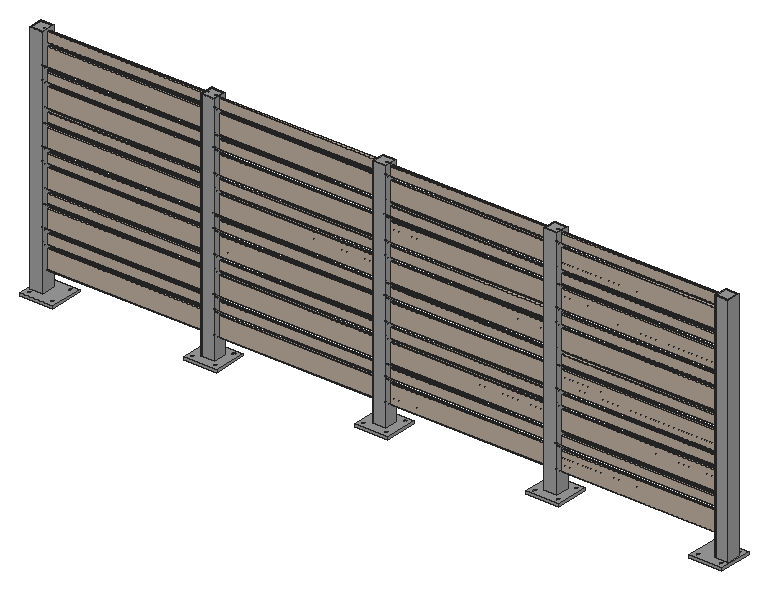
Revit family "Screening-Louver-Assembly-Array-Palmshield-Mercury_Economic-Alternating-Semi_Private-Vinyl", category Specialty Equipment, Revit 2020 (continued)
Definition of nested family "Screening-Louver-Assembly-Post-Palmshield-Mercury-Economic-Alternating-Semi_Private-Aluminum"
  Nested families (in)
    nested 3: "Nested-Square_Post-Aluminum-Palmshield-Mercury_Economic" at (0, 0, 0.75), type "4" X 4" X 1/8" SQ. TUBE"
      with Material none, Length 5' - 11 1/4", ID "Not Assigned", Component Vis yes, Component Name "Mercury Economic - Aluminum - Square Post"
    nested 4: "Nested-Top_Cap-Palmshield-Mercury_Economic" at (0, 0, 72) x (1, 0, 0) z (0, 0, -1), type "3 3/4" x 3 3/4" x 1/8""
      with Material none, ID "Not Assigned", Component Vis yes, Component Name "Mercury Economic - Aluminum - Square Top Cap"
  Definition of nested family "Nested-Base_Plate-Palmshield-Mercury_Economic"
    Parameters (values of type "10" x 14" x 3/4"")
      Width = if(Constraints = 1, 0' 10", 1' 2")  # 1' - 2"
      Warranty URL = "https://palmshieldlouvers.com/wp-content/uploads/2020/01/PalmSHIELD-Warranty-NO-SIGN-LINE.pdf"
      Version = "2020 - v1.0a"  # constant formula
      URL = "https://palmshieldlouvers.com/"
      Thickness = 0' - 0 3/4"  # constant formula
      Product Page URL = "Contact Manufacturer for More Information"
      Product Documentation Link = "Contact Manufacturer for More Information"
      Model = "Mercury Economic"  # constant formula
      Material [instance] = none
      Manufacturer Phone Number = "531-329-4406 "  # constant formula
      Manufacturer Fax Number = "Consult Manufacturer Website for More Information"  # constant formula
      Manufacturer Email = "mailto: info@palmshieldlouvers.com"
      Manufacturer Address = "12330 Cary Circle, La Vista, NE 68128"  # constant formula
      Manufacturer = "PalmSHIELD"  # constant formula
      Keynote = "05 10 00"
      Instruction Sheet Link = "Contact Manufacturer for More Information"
      ID [instance] = ""
      Hole Diameter = 0' - 0 3/4"  # constant formula
      Height = 0' - 10"  # constant formula
      Description = "Mercury Economic - Base Plate"  # constant formula
      Default Elevation = 4' - 0"
      Copyright = "Copyright ©2024 The American Fence Company and PalmSHIELD. All Rights Reserved."  # constant formula
      Constraints = 2
      Component Vis [instance] = yes
      Component Name [instance] = "Mercury Economic - Aluminum - Base Plate"  # constant formula
      C Hole Offset = 0' - 1 1/2"  # constant formula
      Assembly Code = "F1020100"
    Types (2): name | Width | Constraints
      10" x 10" x 3/4" | 0' - 10" | 1
      10" x 14" x 3/4" | 1' - 2" | 2
    Reference planes (in)
      plane 1 "Center (Front/Back)": y = 0
      plane 2: z = 0
      plane 3 "Center (Left/Right)": x = 0
      plane 4: y = 5
      plane 5: x = 7
      plane 6: y = -5
      plane 7: x = -7
      plane 8: z = 0.75
    Forms (in)
      Extrusion 1, solid
        sketch origin (0, 0, 0) x (1, 0, 0) y (0, 1, 0)
          loop
            line (-48, 48) -> (-48, -48) -> (48, -48) -> (48, 48) -> (-48, 48)
        from 0 to -12
      Extrusion 2, solid, material <- "Material", visible <- "Component Vis"
        sketch origin (0, 0, 0) x (1, 0, 0) y (0, 1, 0)
          loop
            line (-7, 5) -> (-7, -5) -> (7, -5) -> (7, 5) -> (-7, 5)
          loop
            circle (-5.5, 3.5) r 0.375
          loop
            circle (5.5, 3.5) r 0.375
          loop
            circle (-5.5, -3.5) r 0.375
          loop
            circle (5.5, -3.5) r 0.375
        from 0 to 0.75
    Dimensions and locks (in)
      equal spacing: plane 7, plane 3 "Center (Left/Right)", plane 5
      equal spacing: plane 4, plane 1 "Center (Front/Back)", plane 6
      "Width": plane 7 to plane 5
      "Height": plane 4 to plane 6
      "C Hole Offset": plane 7 to Extrusion 2 sketch curve  (x2)
      "C Hole Offset": Extrusion 2 sketch curve to plane 5  (x2)
      "C Hole Offset": plane 4 to Extrusion 2 sketch curve  (x2)
      "C Hole Offset": plane 6 to Extrusion 2 sketch curve  (x2)
      "Thickness": plane 8 to plane 2
      "Width": Extrusion 2 to Extrusion 2
      "Hole Diameter": diameter of Extrusion 2 sketch curve  (x4)
      aligned and locked: plane 2 to Extrusion 1
      aligned and locked: level to Extrusion 1
      aligned and locked: Extrusion 2 sketch curve to plane 4
      aligned and locked: plane 7 to Extrusion 2 sketch curve
      aligned and locked: Extrusion 2 sketch curve to plane 6
      aligned and locked: Extrusion 2 sketch curve to plane 5
      aligned and locked: plane 8 to Extrusion 2
    Automatic sketch dimensions
      Extrusion 1 sketch curve to Extrusion 1 sketch curve = 8' - 0"  (x2)
  Definition of nested family "Nested-Square_Post-Aluminum-Palmshield-Mercury_Economic"
    Parameters (values of type "4" X 4" X 1/8" SQ. TUBE")
      Width = 0' - 4"  # constant formula
      Warranty URL = "https://palmshieldlouvers.com/wp-content/uploads/2020/01/PalmSHIELD-Warranty-NO-SIGN-LINE.pdf"
      Version = "2020 - v1.0a"  # constant formula
      URL = "https://palmshieldlouvers.com/"
      Thickness = 0' - 0 1/8"  # constant formula
      Product Page URL = "Contact Manufacturer for More Information"
      Product Documentation Link = "Contact Manufacturer for More Information"
      Model = "Mercury Economic"  # constant formula
      Material [instance] = none
      Manufacturer Phone Number = "531-329-4406 "  # constant formula
      Manufacturer Fax Number = "Consult Manufacturer Website for More Information"  # constant formula
      Manufacturer Email = "mailto: info@palmshieldlouvers.com"
      Manufacturer Address = "12330 Cary Circle, La Vista, NE 68128"  # constant formula
      Manufacturer = "PalmSHIELD"  # constant formula
      Length [instance] = 4' - 4.86713"
      Keynote = "05 10 00"
      Instruction Sheet Link = "Contact Manufacturer for More Information"
      ID [instance] = ""
      Description = "Mercury Economic - Post"  # constant formula
      Default Elevation = 4' - 0"
      Copyright = "Copyright ©2024 The American Fence Company and PalmSHIELD. All Rights Reserved."  # constant formula
      Component Vis [instance] = yes
      Component Name [instance] = "Mercury Economic - Aluminum - Square Post"  # constant formula
      Assembly Code = "F1020100"
    Reference planes (in)
      plane 1 "Center (Front/Back)": y = 0
      plane 2: z = 0
      plane 3 "Center (Left/Right)": x = 0
      plane 4: z = 52.86713
      plane 5: x = 2
      plane 6: x = -2
    Forms (in)
      Extrusion 1, solid
        sketch origin (0, 0, 0) x (1, 0, 0) y (0, 1, 0)
          loop
            line (-48, 48) -> (-48, -48) -> (48, -48) -> (48, 48) -> (-48, 48)
        from 0 to -12
      Sweep 2, solid, material <- "Material", visible <- "Component Vis"
        path origin (0, 0, 0) x (0, 1, 0) y (0, 0, 1)
          loop
            line (0, 0) -> (0, 52.86713)
        profile "Profile-Palmshield-Square : 4" X 4" X 1/8" SQ. TUBE" origin (0, 0, 26.43357) x (0, -1, 0) y (1, 0, 0)
          loop
            line (1.875, 1.875) -> (-1.875, 1.875) -> (-1.875, -1.875) -> (1.875, -1.875) -> (1.875, 1.875)
          loop
            line (-2, -2) -> (2, -2) -> (2, 2) -> (-2, 2) -> (-2, -2)
    Dimensions and locks (in)
      "Length": plane 4 to plane 2
      equal spacing: plane 5, plane 3 "Center (Left/Right)", plane 6
      "Width": plane 5 to plane 6
      aligned and locked: plane 2 to Extrusion 1
      aligned and locked: level to Extrusion 1
      aligned and locked: plane 1 "Center (Front/Back)" to Sweep 2 sketch curve
      aligned and locked: plane 4 to Sweep 2 sketch curve
    Automatic sketch dimensions
      Extrusion 1 sketch curve to Extrusion 1 sketch curve = 8' - 0"  (x2)
      Sweep 2 sketch curve to level = 0' - 0"
  Definition of nested family "Nested-Top_Cap-Palmshield-Mercury_Economic"
    Parameters (values of type "3 3/4" x 3 3/4" x 1/8"")
      Width = 0' 4" - 2 * Thickness  # 0' - 3 3/4"
      Warranty URL = "https://palmshieldlouvers.com/wp-content/uploads/2020/01/PalmSHIELD-Warranty-NO-SIGN-LINE.pdf"
      Version = "2020 - v1.0a"  # constant formula
      URL = "https://palmshieldlouvers.com/"
      Thickness = 0' - 0 1/8"  # constant formula
      Product Page URL = "Contact Manufacturer for More Information"
      Product Documentation Link = "Contact Manufacturer for More Information"
      Model = "Mercury Economic"  # constant formula
      Material [instance] = none
      Manufacturer Phone Number = "531-329-4406 "  # constant formula
      Manufacturer Fax Number = "Consult Manufacturer Website for More Information"  # constant formula
      Manufacturer Email = "mailto: info@palmshieldlouvers.com"
      Manufacturer Address = "12330 Cary Circle, La Vista, NE 68128"  # constant formula
      Manufacturer = "PalmSHIELD"  # constant formula
      Keynote = "05 10 00"
      Instruction Sheet Link = "Contact Manufacturer for More Information"
      ID [instance] = ""
      Description = "Mercury Economic - Top Cap"  # constant formula
      Default Elevation = 4' - 0"
      Copyright = "Copyright ©2024 The American Fence Company and PalmSHIELD. All Rights Reserved."  # constant formula
      Component Vis [instance] = yes
      Component Name [instance] = "Mercury Economic - Aluminum - Square Top Cap"  # constant formula
      Assembly Code = "F1020100"
    Reference planes (in)
      plane 1 "Center (Front/Back)": y = 0
      plane 2: z = 0
      plane 3 "Center (Left/Right)": x = 0
      plane 4: y = 1.875
      plane 5: x = 1.875
      plane 6: y = -1.875
      plane 7: x = -1.875
      plane 8: z = 0.125
    Forms (in)
      Extrusion 1, solid
        sketch origin (0, 0, 0) x (1, 0, 0) y (0, 1, 0)
          loop
            line (-48, 48) -> (-48, -48) -> (48, -48) -> (48, 48) -> (-48, 48)
        from 0 to -12
      Extrusion 2, solid, material <- "Material", visible <- "Component Vis"
        sketch origin (0, 0, 0) x (1, 0, 0) y (0, 1, 0)
          loop
            line (-1.875, 1.875) -> (-1.875, -1.875) -> (1.875, -1.875) -> (1.875, 1.875) -> (-1.875, 1.875)
        from 0 to 0.125
    Dimensions and locks (in)
      equal spacing: plane 7, plane 3 "Center (Left/Right)", plane 5
      equal spacing: plane 4, plane 1 "Center (Front/Back)", plane 6
      "Width": plane 7 to plane 5
      "Width": plane 4 to plane 6
      "Thickness": plane 8 to plane 2
      aligned and locked: plane 2 to Extrusion 1
      aligned and locked: level to Extrusion 1
      aligned and locked: Extrusion 2 sketch curve to plane 4
      aligned and locked: plane 7 to Extrusion 2 sketch curve
      aligned and locked: Extrusion 2 sketch curve to plane 6
      aligned and locked: Extrusion 2 sketch curve to plane 5
      aligned and locked: plane 8 to Extrusion 2
    Automatic sketch dimensions
      Extrusion 1 sketch curve to Extrusion 1 sketch curve = 8' - 0"  (x2)
Definition of nested family "Screening-Louver-Assembly-Panel-Palmshield-Mercury_Economic-Alternating-Semi_Private-Vinyl"
  Parameters (values of type "Assembly")
    Width [instance] = if(Desired Overall Width < C Min Width, C Min Width, if(Desired Overall Width > C Max Width, C Max Width, Desired Overall Width))  # 4' - 0"
    Warranty URL = "https://palmshieldlouvers.com/wp-content/uploads/2020/01/PalmSHIELD-Warranty-NO-SIGN-LINE.pdf"
    Version = "2020 - v1.0a"  # constant formula
    URL = "https://palmshieldlouvers.com/"
    Product Page URL = "https://palmshieldlouvers.com/products/mercury-eco-semi-private/"
    Product Documentation Link = "https://palmshieldlouvers.com/wp-content/uploads/2022/01/Mercury-Economic-Alternating-Semi-Private.pdf"
    Offset From Surface = 0' - 2"  # constant formula
    Model = "Mercury Economic - Alternating - Semi Private"  # constant formula
    Material = none
    Manufacturer Phone Number = "531-329-4406 "  # constant formula
    Manufacturer Email = "mailto: info@palmshieldlouvers.com"
    Manufacturer Address = "12330 Cary Circle, La Vista, NE 68128"  # constant formula
    Manufacturer = "PalmSHIELD"  # constant formula
    Louver Finish = none
    Keynote = "05 10 00"
    Instruction Sheet Link = "https://palmshieldlouvers.com/wp-content/uploads/2021/09/PalmSHIELD-Mercury-Series-Post-Panel-Gate-Installation-Instructions-2.docx"
    ID [instance] = "Not Assigned"
    Height [instance] = if(Desired Overall Height < C Min Height, C Min Height, if(Desired Overall Height > C Max Height, C Max Height, Desired Overall Height))  # 6' - 0"
    Desired Overall Width [instance] = 4' - 0"
    Desired Overall Height [instance] = 6' - 0"
    Desired Bottom Angle [instance] = 0.00°
    Description = "Mercury Economic - Alternating - Semi Private - Panel Assembly"  # constant formula
    Default Elevation = 0' - 0"
    Copyright = "Copyright ©2024 The American Fence Company and PalmSHIELD. All Rights Reserved."  # constant formula
    Component Vis [instance] = yes
    Component Name [instance] = "Mercury Economic - Alternating - Semi Private"  # constant formula
    C Min Width [instance] = 4' - 0"  # constant formula
    C Min Height [instance] = C Min Width  # 4' - 0"
    C Max Width [instance] = 5' - 0"  # constant formula
    C Max Height [instance] = 6' - 0"  # constant formula
    C Angle [instance] = if(Desired Bottom Angle > 10.00°, 10.00°, if(Desired Bottom Angle < -10.00°, -10.00°, Desired Bottom Angle))  # 0.00°
    Assembly Code = "F1020100"
  Reference planes (in)
    plane 1 "Center (Front/Back)": y = 0
    plane 2: z = 0
    plane 3 "Center (Left/Right)": x = 0
    plane 4: z = 72
    plane 5: x = 48
    plane 6: y = 3
    plane 7: y = 1.5
  Lines and regions (in)
    reference lines
      curve 1: line (48, 0, 96.95698) -> (48, 0, -11)
      curve 2: line (-20.8931, 0, 72) -> (71.1069, 0, 72)
  Dimensions and locks (in)
    "Desired Overall Height": curve 2 to level
    "Desired Overall Width": curve 1 to plane 3 "Center (Left/Right)"
    "Height": plane 4 to level
    "Width": plane 5 to plane 3 "Center (Left/Right)"
    equal spacing: plane 1 "Center (Front/Back)", plane 7, plane 6
    aligned and locked: plane 2 to level
  Automatic sketch dimensions
    curve 2 to plane 3 "Center (Left/Right)" = 1' - 8.8931"
    plane 5 to curve 2 = 1' - 11.1069"
    curve 1 to level = 0' - 11"
    plane 4 to curve 1 = 2' - 0.95698"
  Nested families (in)
    nested 1: "Screening-Louver-Assembly-Panel-Palmshield-Mercury_Economic-Alternating-Semi_Private-Vinyl" at (0, -2, 0), Desired Overall Width <- "Desired Overall Width", ID <- "ID", Height <- "Height", Width <- "Width", Component Vis <- "Component Vis", Desired Overall Height <- "Desired Overall Height", type "Assembly"
      with Width 4' - 0", Louver Length 4' - 3 5/8", ID "Not Assigned", Height 6' - 0", Desired Overall Width 4' - 0", Desired Overall Height 6' - 0", Component Vis yes, Component Name "Mercury Economic Alternating Semi Private - Panel Assembly - Aluminum", C Top Post Length 4' - 0", C Straight Corner Angle 45.00°, C Slope Angle 0.00°, C Side Frame Width 0' - 0 7/8", C Side Adjustment 0' - 0", C Rib Thickness Bottom Offset 0' - 0", C Rib Bottom Side Offset 0' - 0", C Louver Offset 0' - 0 1/8", C Louver Count B 6, C Louver Count A 6, C Hip 4' - 0", C Frame Offset 0' - 0 3/8", C Desired Bottom Angle 0.00°, C Bottom Offset B 0' - 7", C B-Side Post Length 6' - 0", C B-Side Angle 45.00°, C Angle 90.00°, C A-Side Post Length 6' - 0", C A-Side Angle 45.00°
    nested 2: "Nested-Louvers-Palmshield-Mercury-Economic-Alternating-Semi_Private-Vinyl" at (-1.8125, 0, 6.5) x (0, 1, 0) z (1, 0, 0), type "7/8" X 6" VINYL"
      with Material none, Length 4' - 3 5/8", ID "", Component Name "Mercury Economic Alternating Semi Private - Vinyl - Louvers"
    nested 3: "Nested-Louvers-Palmshield-Mercury-Economic-Alternating-Semi_Private-Vinyl" at (-1.8125, 0, 17.5) x (0, 1, 0) z (1, 0, 0), type "7/8" X 6" VINYL"
      with Material none, Length 4' - 3 5/8", ID "", Component Name "Mercury Economic Alternating Semi Private - Vinyl - Louvers"
    nested 4: "Nested-Louvers-Palmshield-Mercury-Economic-Alternating-Semi_Private-Vinyl" at (-1.8125, 0, 13.5) x (0, 1, 0) z (1, 0, 0), type "7/8" X 3" VINYL"
      with Material none, Length 4' - 3 5/8", ID "", Component Name "Mercury Economic Alternating Semi Private - Vinyl - Louvers"
    nested 5: "Nested-Louvers-Palmshield-Mercury-Economic-Alternating-Semi_Private-Vinyl" at (-1.8125, 0, 24.5) x (0, 1, 0) z (1, 0, 0), type "7/8" X 3" VINYL"
      with Material none, Length 4' - 3 5/8", ID "", Component Name "Mercury Economic Alternating Semi Private - Vinyl - Louvers"
    nested 6: "Nested-Louvers-Palmshield-Mercury-Economic-Alternating-Semi_Private-Vinyl" at (-1.8125, 0, 35.5) x (0, 1, 0) z (1, 0, 0), type "7/8" X 3" VINYL"
      with Material none, Length 4' - 3 5/8", ID "", Component Name "Mercury Economic Alternating Semi Private - Vinyl - Louvers"
    nested 7: "Nested-Louvers-Palmshield-Mercury-Economic-Alternating-Semi_Private-Vinyl" at (-1.8125, 0, 46.5) x (0, 1, 0) z (1, 0, 0), type "7/8" X 3" VINYL"
      with Material none, Length 4' - 3 5/8", ID "", Component Name "Mercury Economic Alternating Semi Private - Vinyl - Louvers"
    nested 8: "Nested-Louvers-Palmshield-Mercury-Economic-Alternating-Semi_Private-Vinyl" at (-1.8125, 0, 28.5) x (0, 1, 0) z (1, 0, 0), type "7/8" X 6" VINYL"
      with Material none, Length 4' - 3 5/8", ID "", Component Name "Mercury Economic Alternating Semi Private - Vinyl - Louvers"
    nested 9: "Nested-Louvers-Palmshield-Mercury-Economic-Alternating-Semi_Private-Vinyl" at (-1.8125, 0, 39.5) x (0, 1, 0) z (1, 0, 0), type "7/8" X 6" VINYL"
      with Material none, Length 4' - 3 5/8", ID "", Component Name "Mercury Economic Alternating Semi Private - Vinyl - Louvers"
    nested 10: "Nested-Louvers-Palmshield-Mercury-Economic-Alternating-Semi_Private-Vinyl" at (-1.8125, 0, 50.5) x (0, 1, 0) z (1, 0, 0), type "7/8" X 6" VINYL"
      with Material none, Length 4' - 3 5/8", ID "", Component Name "Mercury Economic Alternating Semi Private - Vinyl - Louvers"
    nested 11: "Nested-Louvers-Palmshield-Mercury-Economic-Alternating-Semi_Private-Vinyl" at (-1.8125, 0, 57.5) x (0, 1, 0) z (1, 0, 0), type "7/8" X 3" VINYL"
      with Material none, Length 4' - 3 5/8", ID "", Component Name "Mercury Economic Alternating Semi Private - Vinyl - Louvers"
    nested 12: "Nested-Louvers-Palmshield-Mercury-Economic-Alternating-Semi_Private-Vinyl" at (-1.8125, 0, 61.5) x (0, 1, 0) z (1, 0, 0), type "7/8" X 6" VINYL"
      with Material none, Length 4' - 3 5/8", ID "", Component Name "Mercury Economic Alternating Semi Private - Vinyl - Louvers"
    nested 13: "Nested-Louvers-Palmshield-Mercury-Economic-Alternating-Semi_Private-Vinyl" at (-1.8125, 0, 68.5) x (0, 1, 0) z (1, 0, 0), type "7/8" X 3" VINYL"
      with Material none, Length 4' - 3 5/8", ID "", Component Name "Mercury Economic Alternating Semi Private - Vinyl - Louvers"
  Definition of nested family "Nested-Louvers-Palmshield-Mercury-Economic-Alternating-Semi_Private-Vinyl"
    Parameters (values of type "7/8" X 6" VINYL")
      Width = if(Constraints = 1, 0' 6", 0' 3")  # 0' - 6"
      Warranty URL = "https://palmshieldlouvers.com/wp-content/uploads/2020/01/PalmSHIELD-Warranty-NO-SIGN-LINE.pdf"
      Version = "2020 - v1.0a"  # constant formula
      URL = "https://palmshieldlouvers.com/"
      Thickness = 0' - 0 15/16"  # constant formula
      Product Page URL = "https://palmshieldlouvers.com/products/mercury-screening/"
      Product Documentation Link = "https://palmshieldlouvers.com/wp-content/uploads/2022/01/Mercury-Economic-Alternating-Semi-Private-Aluminum-Vinyl.pdf"
      Model = "Mercury Economic Semi Private Alternating"  # constant formula
      Material [instance] = none
      Manufacturer Phone Number = "531-329-4406 "  # constant formula
      Manufacturer Fax Number = "Consult Manufacturer Website for More Information"  # constant formula
      Manufacturer Email = "mailto: info@palmshieldlouvers.com"
      Manufacturer Address = "12330 Cary Circle, La Vista, NE 68128"  # constant formula
      Manufacturer = "PalmSHIELD"  # constant formula
      Length [instance] = 4' - 4.86713"
      Keynote = "05 10 00"
      Instruction Sheet Link = "https://palmshieldlouvers.com/wp-content/uploads/2021/09/PalmSHIELD-Mercury-Series-Post-Panel-Gate-Installation-Instructions-2.docx"
      ID [instance] = ""
      Description = "Mercury Economic Semi Private Alternating - Louvers"  # constant formula
      Default Elevation = 4' - 0"
      Copyright = "Copyright ©2024 The American Fence Company and PalmSHIELD. All Rights Reserved."  # constant formula
      Constraints = 1
      Component Name [instance] = "Mercury Economic Alternating Semi Private - Vinyl - Louvers"  # constant formula
      C Small = Constraints = 2  # no
      C Large = Constraints = 1  # yes
      Assembly Code = "F1020100"
    Types (2): name | Width | Constraints | C Small | C Large
      7/8" X 3" VINYL | 0' - 3" | 2 | yes | no
      7/8" X 6" VINYL | 0' - 6" | 1 | no | yes
    Reference planes (in)
      plane 1 "Center (Front/Back)": y = 0
      plane 2: z = 0
      plane 3 "Center (Left/Right)": x = 0
      plane 4: z = 52.86713
    Forms (in)
      Extrusion 1, solid
        sketch origin (0, 0, 0) x (1, 0, 0) y (0, 1, 0)
          loop
            line (-48, 48) -> (-48, -48) -> (48, -48) -> (48, 48) -> (-48, 48)
        from 0 to -12
      Sweep 2, solid, material <- "Material", visible <- "C Small"
        path origin (0, 0, 0) x (0, 1, 0) y (0, 0, 1)
          loop
            line (0, 0) -> (0, 52.86713)
        profile origin (0, 0, 26.43357) x (0, -1, 0) y (1, 0, 0)
          loop
            line (-2.90625, -0.375) -> (-0.09375, -0.375)
            arc (-0.09375, -0.375) -> (-0.07165, -0.36585) -> (-0.0625, -0.34375) r 0.03125
            line (-0.0625, -0.34375) -> (-0.0625, 0.34375)
            arc (-0.0625, 0.34375) -> (-0.07165, 0.36585) -> (-0.09375, 0.375) r 0.03125
            line (-0.09375, 0.375) -> (-2.90625, 0.375)
            arc (-2.90625, 0.375) -> (-2.92835, 0.36585) -> (-2.9375, 0.34375) r 0.03125
            line (-2.9375, 0.34375) -> (-2.9375, -0.34375)
            arc (-2.9375, -0.34375) -> (-2.92835, -0.36585) -> (-2.90625, -0.375) r 0.03125
          loop
            line (-0.09375, 0.4375) -> (-2.90625, 0.4375)
            arc (-2.90625, 0.4375) -> (-2.97254, 0.41004) -> (-3, 0.34375) r 0.09375
            line (-3, 0.34375) -> (-3, -0.34375)
            arc (-3, -0.34375) -> (-2.97254, -0.41004) -> (-2.90625, -0.4375) r 0.09375
            line (-2.90625, -0.4375) -> (-0.09375, -0.4375)
            arc (-0.09375, -0.4375) -> (-0.02746, -0.41004) -> (0, -0.34375) r 0.09375
            line (0, -0.34375) -> (0, 0.34375)
            arc (0, 0.34375) -> (-0.02746, 0.41004) -> (-0.09375, 0.4375) r 0.09375
      Sweep 3, solid, material <- "Material", visible <- "C Large", detail levels fine
        path origin (0, 0, 0) x (0, 1, 0) y (0, 0, 1)
          loop
            line (0, 0) -> (0, 52.86713)
        profile origin (0, 0, 26.43357) x (0, -1, 0) y (1, 0, 0)
          loop
            line (-0.125, 0.4375) -> (-5.875, 0.4375)
            arc (-5.875, 0.4375) -> (-5.96339, 0.40089) -> (-6, 0.3125) r 0.125
            line (-6, 0.3125) -> (-6, -0.3125)
            arc (-6, -0.3125) -> (-5.96339, -0.40089) -> (-5.875, -0.4375) r 0.125
            line (-5.875, -0.4375) -> (-0.125, -0.4375)
            arc (-0.125, -0.4375) -> (-0.03661, -0.40089) -> (0, -0.3125) r 0.125
            line (0, -0.3125) -> (0, 0.3125)
            arc (0, 0.3125) -> (-0.03661, 0.40089) -> (-0.125, 0.4375) r 0.125
          loop
            line (-0.125, 0.375) -> (-2, 0.375) -> (-2, -0.375) -> (-0.125, -0.375)
            arc (-0.125, -0.375) -> (-0.08081, -0.35669) -> (-0.0625, -0.3125) r 0.0625
            line (-0.0625, -0.3125) -> (-0.0625, 0.3125)
            arc (-0.0625, 0.3125) -> (-0.08081, 0.35669) -> (-0.125, 0.375) r 0.0625
          loop
            line (-2.03125, 0.375) -> (-3.96875, 0.375) -> (-3.96875, -0.375) -> (-2.03125, -0.375) -> (-2.03125, 0.375)
          loop
            line (-4, 0.375) -> (-5.875, 0.375)
            arc (-5.875, 0.375) -> (-5.91919, 0.35669) -> (-5.9375, 0.3125) r 0.0625
            line (-5.9375, 0.3125) -> (-5.9375, -0.3125)
            arc (-5.9375, -0.3125) -> (-5.91919, -0.35669) -> (-5.875, -0.375) r 0.0625
            line (-5.875, -0.375) -> (-4, -0.375) -> (-4, 0.375)
      Sweep 4, solid, material <- "Material", visible <- "C Large", detail levels coarse+medium
        path origin (0, 0, 0) x (0, 1, 0) y (0, 0, 1)
          loop
            line (0, 0) -> (0, 52.86713)
        profile origin (0, 0, 26.43357) x (0, -1, 0) y (1, 0, 0)
          loop
            line (-0.125, 0.4375) -> (-5.875, 0.4375)
            arc (-5.875, 0.4375) -> (-5.96339, 0.40089) -> (-6, 0.3125) r 0.125
            line (-6, 0.3125) -> (-6, -0.3125)
            arc (-6, -0.3125) -> (-5.96339, -0.40089) -> (-5.875, -0.4375) r 0.125
            line (-5.875, -0.4375) -> (-0.125, -0.4375)
            arc (-0.125, -0.4375) -> (-0.03661, -0.40089) -> (0, -0.3125) r 0.125
            line (0, -0.3125) -> (0, 0.3125)
            arc (0, 0.3125) -> (-0.03661, 0.40089) -> (-0.125, 0.4375) r 0.125
          loop
            line (-5.875, -0.375) -> (-0.125, -0.375)
            arc (-0.125, -0.375) -> (-0.08081, -0.35669) -> (-0.0625, -0.3125) r 0.0625
            line (-0.0625, -0.3125) -> (-0.0625, 0.3125)
            arc (-0.0625, 0.3125) -> (-0.08081, 0.35669) -> (-0.125, 0.375) r 0.0625
            line (-0.125, 0.375) -> (-5.875, 0.375)
            arc (-5.875, 0.375) -> (-5.91919, 0.35669) -> (-5.9375, 0.3125) r 0.0625
            line (-5.9375, 0.3125) -> (-5.9375, -0.3125)
            arc (-5.9375, -0.3125) -> (-5.91919, -0.35669) -> (-5.875, -0.375) r 0.0625
    Dimensions and locks (in)
      "Length": plane 4 to plane 2
      aligned and locked: plane 2 to Extrusion 1
      aligned and locked: level to Extrusion 1
      aligned and locked: plane 1 "Center (Front/Back)" to Sweep 2 sketch curve
      aligned and locked: plane 4 to Sweep 2 sketch curve
      aligned and locked: plane 4 to Sweep 3 sketch curve
      aligned and locked: plane 4 to Sweep 4 sketch curve
    Automatic sketch dimensions
      Extrusion 1 sketch curve to Extrusion 1 sketch curve = 8' - 0"  (x2)
      Sweep 2 sketch curve to level = 0' - 0"
      Sweep 3 sketch curve to plane 1 "Center (Front/Back)" = 0' - 0"
      Sweep 3 sketch curve to level = 0' - 0"
      Sweep 2 sketch curve to Sweep 2 sketch curve = 0' - 0"  (x9)
      Sweep 2 sketch curve to profile plane = 0' - 0"
      profile plane to Sweep 2 sketch curve = 0' - 0 1/16"
      Sweep 2 sketch curve to Sweep 2 sketch curve = 0' - 0 1/32"  (x3)
      Sweep 2 sketch curve to plane 3 "Center (Left/Right)" = 0' - 0 7/16"
      Sweep 2 sketch curve to Sweep 2 sketch curve = 0' - 2 13/16"
      plane 3 "Center (Left/Right)" to Sweep 2 sketch curve = 0' - 0 11/32"
      Sweep 3 sketch curve to Sweep 3 sketch curve = 0' - 0"  (x10)
      Sweep 3 sketch curve to profile plane = 0' - 0"
      Sweep 3 sketch curve to Sweep 3 sketch curve = 0' - 0 1/16"  (x4)
      profile plane to Sweep 3 sketch curve = 0' - 0 1/8"
      Sweep 3 sketch curve to profile plane = 0' - 0 3/8"
      Sweep 3 sketch curve to Sweep 3 sketch curve = 0' - 1 7/8"  (x2)
      Sweep 3 sketch curve to Sweep 3 sketch curve = 0' - 0 1/32"  (x2)
      profile plane to Sweep 3 sketch curve = 0' - 0 3/8"
      Sweep 3 sketch curve to Sweep 3 sketch curve = 0' - 1 15/16"
      profile plane to Sweep 3 sketch curve = 0' - 0 7/16"
      Sweep 4 sketch curve to plane 1 "Center (Front/Back)" = 0' - 0"
      Sweep 4 sketch curve to level = 0' - 0"
      Sweep 4 sketch curve to profile plane = 0' - 0"
      profile plane to Sweep 4 sketch curve = 0' - 0 1/8"  (x2)
      profile plane to Sweep 4 sketch curve = 0' - 0 7/16"
      Sweep 4 sketch curve to Sweep 4 sketch curve = 0' - 0"  (x8)
      Sweep 4 sketch curve to Sweep 4 sketch curve = 0' - 0 1/8"
      Sweep 4 sketch curve to Sweep 4 sketch curve = 0' - 5 3/4"
      Sweep 4 sketch curve to profile plane = 0' - 0 5/16"
      profile plane to Sweep 4 sketch curve = 0' - 0 1/16"
